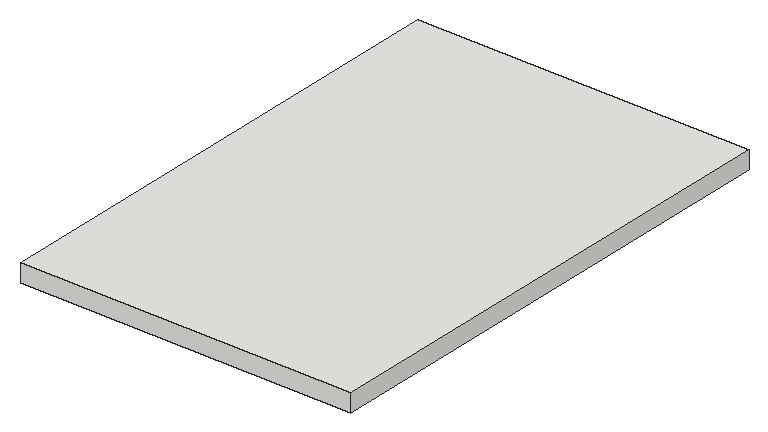
Revit family "SURVIVOR069xxWS840SAS0250x", category Leuchten, Revit 2019
Family settings
  Basisbauteil = Fläche
  Bemaßung runder Anschluss = Durchmesser verwenden
  Teiletyp = Normal
  OmniClass-Nummer = 23.80.70.11
  OmniClass-Titel = Luminaries for Internal Lighting
  Beim Laden mit Abzugskörper schneiden = Nein
  Lichtquelle = Ja
  Gemeinsam genutzt = Nein
  Raumberechnungspunkt = Nein
Parameters (values of type "SURVIVOR069NDWS840SAS0250-RF")
  width = 240 mm  # constant formula
  weight = "6.2"
  voltage type (AC, DC, UC) = "AC"
  rated input power = 19
  product name = "SURVIVOR069NDWS840SAS0250-RF"
  nominal voltage = "230"
  nominal frequency = "50-60Hz"
  length = 690 mm  # constant formula
  ingress protection (IP) code = "IP65"
  height = 73 mm  # constant formula
  electrical safety class = "1"
  control gear = ""
  conformity mark = "CE"  # constant formula
  brand = "RIDI"
  approval mark = ""
  built-in parameter 1150104 = 13.8 (stored number, unit not read)
  Wattage = 15.2146 W
  Von Breite des Rechtecks ausssenden = 618 mm
  Von Länge des Rechtecks aussenden = 181 mm  # constant formula
  Default Elevation = 0 mm
  built-in parameter 1150113 = 1 (stored number, unit not read)
  built-in parameter 1114218 = 1 (stored number, unit not read)
  URL = "www.ridi.de"
  built-in parameter 1150134 = 12
  built-in parameter 1150109 = 1 (stored number, unit not read)
  built-in parameter 1150110 = 1 (stored number, unit not read)
  Apparent Load = 19 VA
  Tilt Angle = 90.00°
  Modell = "0622208//420"
  built-in parameter 1114217 = 1 (stored number, unit not read)
  built-in parameter 1150139 = (empty or 0)
  built-in parameter 1150105 = 179.85 (stored number, unit not read)
  built-in parameter 1150114 = 1 (stored number, unit not read)
  Lumens = 2260 lm
  built-in parameter 1150115 = 1 (stored number, unit not read)
  built-in parameter 1150112 = 1 (stored number, unit not read)
  Lampe = "LED"
  Hersteller = "RIDI Leuchten GmbH"  # constant formula
  Dimming Lamp Color Temperature Shift = (empty or 0)
  Color Filter = 16777215
  built-in parameter 1150133 = 10 (stored number, unit not read)
  Emit Shape Visible in Rendering = no
  built-in parameter 1150137 = (empty or 0)
  built-in parameter 1150132 = 2
  Datei für fotometrisches Netz = "SURVIVOR_SAS.IES"
  Copyright = "© RIDI. All rights reserved."  # constant formula
  built-in parameter 1150106 = 1.7985 (stored number, unit not read)
  Baugruppenkennzeichen = "D5020200"
  built-in parameter 1150107 = 4000 (stored number, unit not read)
  built-in parameter 1150102 = (empty or 0)
  built-in parameter 1150138 = (empty or 0)
Types (3, lengths in mm): name | product name | Modell
  (no name) | "SURVIVOR069NDWS840SAS0250-RF" | "0622208//420"
  SURVIVOR069DAWS840SAS0250 | "SURVIVOR069DAWS840SAS0250" | "0632208"
  SURVIVOR069NDWS840SAS0250-RF | "SURVIVOR069NDWS840SAS0250-RF" | "0622208//420"
Reference planes
  plane 1 "Mitte (Vorne/hinten)": y = 0
  plane 2: z = 0
  plane 3 "Mitte (Links/rechts)": x = 0
  plane 4: z = 1200
Forms (mm)
  Extrusion 1, solid
    sketch origin (219.2, 280.8, 0) x (1, 0, 0) y (0, 1, 0)
      loop
        line (-1219.2, 1219.2) -> (-1219.2, -1780.8) -> (780.8, -1780.8) -> (780.8, 1219.2) -> (-1219.2, 1219.2)
    from 0 to -107.307
Dimensions and locks
  plane 4 to Extrusion 1 = 1200 mm
  aligned and locked: plane 2 to Extrusion 1
  aligned and locked: level to Extrusion 1
Connectors
  electrical at (53.526, -319.1, 2.275), driven by "Apparent Load"
    settings: on import instance, index 1, voltage 230 V, apparent load 0 VA, apparent load phase1 19 VA, apparent load phase2 0 VA, apparent load phase3 0 VA, power factor 1, load classification "Lighting", number of poles 1, system type 31, power factor state 1, is connector primary yes, connector utility no, sub classification motor no, connector description ""
